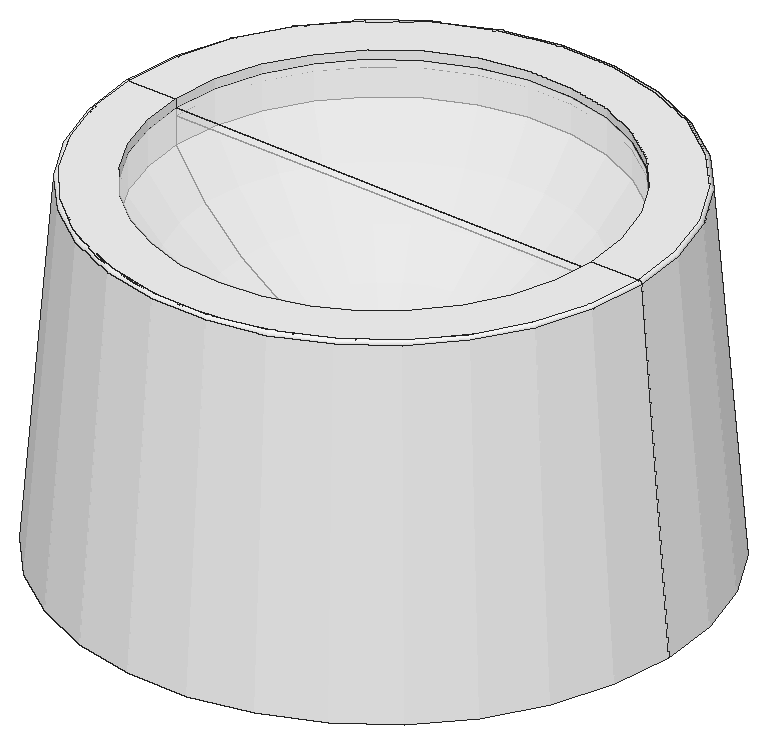
Revit family "0030317", category Lighting Fixtures, host Face, Revit 2016
Family settings
  Host = Face
  Part Type = Normal
  Round Connector Dimension = Use Diameter
  OmniClass Number = 23.80.70.00
  OmniClass Title = Lighting
  Cut with Voids When Loaded = No
  Light Source = Yes
  Shared = No
  Room Calculation Point = No
Parameters (values of type "0030317 Insaver Slim UGR19 165 1075lm 840 Srfc")
  WidthBezel_SYL = 20 mm
  Weight = "9.24 kg"
  Wattage Comments = ""
  Wattage = 9 W
  WarrantyStartDate [instance] = "n/a"
  WarrantyGuarantorParts = "n/a"
  WarrantyDurationUnit = "n/a"
  WarrantyDurationParts = "n/a"
  WarrantyDescription = "n/a"
  built-in parameter 1150110 = 1 (stored number, unit not read)
  Voltage = 230 V
  URL = "http://www.sylvania-lighting.com"
  TypeName = "Insaver Slim UGR19 165 1075lm 840 Surface"
  Type Image = <None>
  Type Comments = "n/a"
  built-in parameter 1114217 = 1 (stored number, unit not read)
  Tilt Angle = -90.00°
  Thickness_SYL = 2.5 mm
  built-in parameter 1150109 = 1 (stored number, unit not read)
  built-in parameter 1150134 = 12
  built-in parameter 1150113 = 1 (stored number, unit not read)
  Size1_SYL = yes
  SerialNumber [instance] = "n/a"
  RadiusTop_SYL = 6 mm
  RadiusSleeveTop_SYL = if(Size1_SYL, 85.5 mm, 107 mm)  # 85.5 mm
  RadiusSleeveBottom_SYL = if(Size1_SYL, 77.5 mm, 104 mm)  # 77.5 mm
  RadiusReflector_SYL = if(Size1_SYL, 85 mm, 100 mm)  # 85 mm
  Photometric Web File = "0030317.ies"
  Material_3_FEILO = Top-Sylvania-STARTDownlight
  PowerFactor = 0.9
  PowerConsumption = "9 W"
  NominalLength = 165 mm
  NominalHeight = 95 mm
  NominalDepth = 165 mm
  Name = "Insaver Slim UGR19 165 1075lm 840 Surface"
  ModelReference = Name  # "Insaver Slim UGR19 165 1075lm 840 Surface"
  ModelNumber = "0030317"
  Model = Name  # "Insaver Slim UGR19 165 1075lm 840 Surface"
  Material = "aluminium housing, na diffuser"
  ManufacturerName = "Feilo Sylvania"
  Manufacturer = "Feilo Sylvania"
  LuminousEfficacy = "119 lm/W"
  built-in parameter 1150105 = 85.227 (stored number, unit not read)
  Lumens = 1071 lm
  LuminaireType = ""
  built-in parameter 1150115 = 1 (stored number, unit not read)
  LightOutputRatio = "n/a"
  built-in parameter 1150137 = (empty or 0)
  built-in parameter 1150139 = (empty or 0)
  LampsType = Lamp  # "LED"
  LampNominalLuminous = "1075 lm"
  LampMacAdamStep = "5"
  LampColourTemperature = "4000 K"
  LampColourRenderingIndex = "80"
  built-in parameter 1150112 = 1 (stored number, unit not read)
  built-in parameter 1150114 = 1 (stored number, unit not read)
  Lamp = "LED"
  Keynote = "16500"
  InstallationDate [instance] = "n/a"
  InputVoltage = "AC 220-240 V"
  InputNominalFrequency = "50/60 Hz"
  built-in parameter 1150132 = (empty or 0)
  built-in parameter 1150102 = (empty or 0)
  built-in parameter 1150107 = 4000 (stored number, unit not read)
  built-in parameter 1150138 = (empty or 0)
  IngressProtection = "IP20"
  ImpactProtectionIndex = "IK07"
  built-in parameter 1150106 = 0.85227 (stored number, unit not read)
  IfcExportType = "IfcLightFixtureType"
  IfcExportAs = "IfcLightFixtureType"
  Height_SYL = if(Size1_SYL, 61 mm, 61 mm)  # 61 mm
  HeightBezel_SYL = if(Size1_SYL, 3 mm, 3.2 mm)  # 3 mm
  ExpectedLife = 50000
  Emit from Circle Diameter = Diameter_SYL - 40 mm  # 125 mm
  Emit Shape Visible in Rendering = no
  ElectricShockClassification = "Class II"
  built-in parameter 1150104 = 11.055 (stored number, unit not read)
  DurationUnit = "hours"
  DocumentationLiterature = "http://www.sylvania-lighting.com/product/en-int/products/0030317"
  DimmingControlOptions = "n/a"
  Material_2_FEILO = Diffuser-Sylvania-STARTDownlight
  Dimming Lamp Color Temperature Shift = <None>
  Diameter_SYL = if(Size1_SYL, 165 mm, 220 mm)  # 165 mm
  DiameterTop_SYL = if(Size1_SYL, 98 mm, 135 mm)  # 98 mm
  DiameterTopBase_SYL = DiameterRecess_SYL  # 150 mm
  DiameterRecess_SYL = if(Size1_SYL, 150 mm, 200 mm)  # 150 mm
  Description = ""
  Default Elevation = 1219.2 mm
  CreatedOn = "3/18/2019"
  CreatedBy = "@sylvania-lighting.com"
  Cost = 0
  Color Filter = 16777215
  built-in parameter 1114216 [instance] = (empty or 0)
  ClassificationValue = "EF_70_80"
  ClassificationName = "Uniclass2015"
  Material_1_FEILO = Trim-Sylvania-STARTDownlight-White
  BarCode [instance] = "n/a"
  built-in parameter 1114218 = 1 (stored number, unit not read)
  built-in parameter 1150133 = 10 (stored number, unit not read)
  AssetType = "Fixed"
  AssetIdentifier [instance] = "n/a"
  Assembly Code = "D5020200"
  Apparent Load = 9 VA
  Material_4_FEILO = LED-Sylvania-STARTDownlight
Reference planes
  plane 1 "Center (Front/Back)": y = 0
  plane 2: z = 94
  plane 3 "Center (Left/Right)": x = 0
  plane 4: x = 82.5
  plane 5: x = -82.5
  plane 6: z = 97
  plane 7: z = 86
  plane 8: z = 36
  plane 9: x = -49
  plane 10: x = 49
  plane 11: z = 0
  plane 12: x = -62.5
  plane 13: z = 96
  plane 14: z = 48
  plane 15: x = -16
  plane 16: x = -99.5
  plane 17: x = -75
  plane 18: x = 75
  plane 19: z = 99
  plane 20: x = -77.5
  plane 21: z = 98.5
  plane 22: x = -85.5
  plane 23: x = -83
Forms (mm)
  Revolve 1, solid, material "Trim-Sylvania-STARTDownlight-White" <- "Material_1_FEILO"
    sketch origin (0, 0, 0) x (1, 0, 0) y (0, 0, 1)
      loop
        line (-62.5, 96) -> (-75, 96) -> (-75, 86) -> (-50.681, 39.232)
        arc (-50.681, 39.232) -> (-48.471, 36.871) -> (-45.357, 36) r 6
        line (-45.357, 36) -> (0, 36) -> (0, 48) -> (-16, 48)
        arc (-16, 48) -> (-42.718, 62.757) -> (-62.5, 86) r 85
        line (-62.5, 86) -> (-62.5, 96)
      axis (0, 96) -> (0, 36)
    angle from 360 to 0
  Revolve 2, solid, material "Diffuser-Sylvania-STARTDownlight" <- "Material_2_FEILO"
    sketch origin (0, 0, 0) x (1, 0, 0) y (0, 0, 1)
      loop
        line (-62.5, 94) -> (0, 94) -> (0, 96) -> (-62.5, 96) -> (-62.5, 94)
      axis (0, 96) -> (0, 94)
    angle from 360 to 0
  Revolve 3, solid, material "Trim-Sylvania-STARTDownlight-White" <- "Material_1_FEILO"
    sketch origin (0, 0, 0) x (1, 0, 0) y (0, 0, 1)
      loop
        line (-62.5, 96) -> (-62.5, 98.5) -> (-76.53, 98.5)
        arc (-76.53, 98.5) -> (-77.226, 98.218) -> (-77.529, 97.53) r 1
        line (-77.529, 97.53) -> (-85.5, 0) -> (-83, 0) -> (-75.203, 96) -> (-62.5, 96)
      axis (0, 98.5) -> (0, 0)
    angle from 360 to 0
Dimensions and locks
  equal spacing: plane 4, plane 3 "Center (Left/Right)", plane 5
  "Diameter_SYL": plane 4 to plane 5
  equal spacing: plane 10, plane 3 "Center (Left/Right)", plane 9
  "DiameterTop_SYL": plane 10 to plane 9
  "HeightBezel_SYL": plane 6 to plane 2
  "Height_SYL": plane 6 to plane 8
  locked: plane 2 to plane 7 at 8
  locked: plane 2 to plane 11 at 94
  "WidthBezel_SYL": plane 12 to plane 5
  locked: plane 6 to plane 13 at 1
  locked: plane 3 "Center (Left/Right)" to plane 15 at 16
  locked: plane 14 to plane 8 at 12
  equal spacing: plane 18, plane 3 "Center (Left/Right)", plane 17
  "DiameterRecess_SYL": plane 17 to plane 18
  locked: plane 19 to plane 6 at 2
  "RadiusSleeveBottom_SYL": plane 3 "Center (Left/Right)" to plane 20
  "Thickness_SYL": plane 21 to plane 13
  "RadiusSleeveTop_SYL": plane 3 "Center (Left/Right)" to plane 22
  "Thickness_SYL": plane 22 to plane 23
  "RadiusReflector_SYL": radius of Revolve 1 sketch curve
  "RadiusTop_SYL": radius of Revolve 1 sketch curve
  aligned and locked: level to host face
  aligned and locked: plane 3 "Center (Left/Right)" to imposter light
  aligned and locked: imposter light to plane 13
  aligned and locked: imposter light to plane 1 "Center (Front/Back)"
  aligned and locked: Revolve 1 sketch curve to plane 3 "Center (Left/Right)"
  aligned and locked: plane 7 to Revolve 1 sketch curve  (x2)
  aligned and locked: plane 8 to Revolve 1 sketch curve
  aligned and locked: Revolve 1 sketch curve to plane 12
  aligned and locked: plane 3 "Center (Left/Right)" to Revolve 1 sketch curve
  aligned and locked: Revolve 1 sketch curve to plane 14
  aligned and locked: Revolve 2 sketch curve to plane 3 "Center (Left/Right)"
  aligned and locked: imposter light to Revolve 2 sketch curve  (x2)
  aligned and locked: plane 17 to Revolve 1 sketch curve
  aligned and locked: Revolve 2 sketch curve to plane 2
  aligned and locked: Revolve 1 sketch curve to plane 13
  aligned and locked: Revolve 3 sketch curve to plane 3 "Center (Left/Right)"
  aligned and locked: Revolve 1 to Revolve 3 sketch curve
  aligned and locked: Revolve 3 sketch curve to Revolve 1
  aligned and locked: Revolve 3 sketch curve to plane 21
  aligned and locked: plane 11 to Revolve 3 sketch curve
  aligned and locked: plane 13 to Revolve 3 sketch curve
Automatic sketch dimensions
  host sketch curve to host sketch curve = 2438.4 mm  (x2)
  Revolve 2 sketch curve to plane 12 = 0 mm
  Revolve 2 sketch curve to level = 472.1 mm
  Revolve 2 sketch curve to plane 6 = 2606.058 mm
  Revolve 1 sketch curve to plane 15 = 0 mm
  Revolve 1 sketch curve to plane 9 = 1.681 mm
  plane 9 to Revolve 1 sketch curve = 3.643 mm
  Revolve 1 sketch curve to level = 472.1 mm
  Revolve 1 sketch curve to Revolve 1 sketch curve = 2577.983 mm
  plane 22 to Revolve 3 sketch curve = 0 mm
  plane 23 to Revolve 3 sketch curve = 0 mm
  plane 20 to Revolve 3 sketch curve = 0.029 mm
  Revolve 3 sketch curve to plane 6 = 0.5 mm
  Revolve 3 sketch curve to Revolve 3 sketch curve = 1 mm
  plane 17 to Revolve 3 sketch curve = 0.203 mm
  Revolve 3 sketch curve to level = 609.6 mm
  Revolve 3 sketch curve to plane 19 = 2466.558 mm
Connectors
  electrical at (0, 0, 0), driven by "Apparent Load", driven by "PowerFactor", driven by "Voltage"
    settings: index 1, voltage 230 V, apparent load 9 VA, apparent load phase1 0 VA, apparent load phase2 0 VA, apparent load phase3 0 VA, power factor 0.9, load classification "Lighting", number of poles 1, system type 30, power factor state 1, is connector primary yes, connector utility no, sub classification motor no, connector description ""
